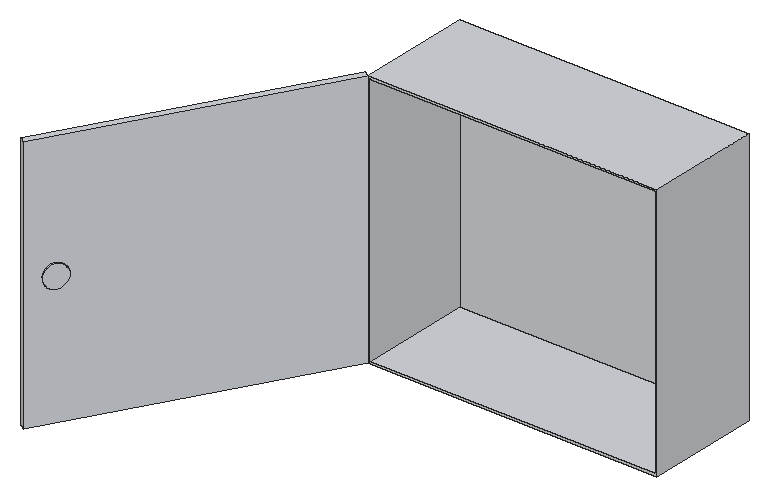
Revit family "LXMM", category Modelos genéricos, Revit 2020
Family settings
  Pode hospedar o vergalhão = Não
  Cota do conector redondo = Utilizar diâmetro
  Tipo de parte = Normal
  Número OmniClass = 23.60.00.00
  Título OmniClass = General Purpose: Services
  Com base no plano de trabalho = Não
  Sempre na vertical = Sim
  Corte com vazios quando carregada = Não
  Compartilhado = Sim
  Ponto de cálculo do ambiente = Não
Parameters
  x = 2 mm
  w = 798 mm
  l = 380 mm
  h = 342 mm
  b = 150 mm
  URL = "www.rainbird.com"
  SupportProjetos: Review Date = ""  # constant formula
  SupportProjetos: Review = "R00"  # constant formula
  SupportProjetos: Level of Detail = "LOD300"  # constant formula
  SupportProjetos: Developed = "MICHEL SOARES MOTA"  # constant formula
  SupportProjetos: Creation Date = "14/09/2020"  # constant formula
  RainBird: Product Link = "www.rainbird.com"
  RainBird: Description = "LXMM"
  RainBird: Comment = ""
  RainBird: Code = "F42400"  # constant formula
  Model = "LXMM"
  L = 384 mm
  Elevação padrão = 0 mm
  Type Comments = RainBird: Description  # "LXMM"
  B = 152 mm
Reference planes
  plane 1 "Centro (Frente/Trás)": y = 0
  plane 2: z = 0
  plane 3 "Centro (Esquerda/Direita)": x = 0
Forms (mm)
  Extrusion 1, void
    sketch origin (0, 0, 0) x (1, 0, 0) y (0, 1, 0)
      loop
        line (-190, 0) -> (-190, -150) -> (190, -150) -> (190, 0) -> (-190, 0)
    from 800 to 1138
  Extrusion 2, solid
    sketch origin (0, 0, 0) x (1, 0, 0) y (0, 1, 0)
      loop
        line (-192, 2) -> (-192, -150) -> (192, -150) -> (192, 2) -> (-192, 2)
    from 798 to 1140
  Extrusion 3, solid
    sketch origin (0, 0, 0) x (1, 0, 0) y (0, 1, 0)
      loop
        line (-192, -150) -> (-200.66, -145) -> (-392.66, -477.554) -> (-384, -482.554) -> (-192, -150)
    from 798 to 1140
  Extrusion 4, solid
    sketch origin (-158.096, -391.277, 0) x (-0.5, -0.866025, 0) y (0, 0, 1)
      loop
        circle (157.422, 975.133) r 15
    from 145.93 to 165
Cuts and joins
  Extrusion 1 cuts Extrusion 2
  joined: Extrusion 3, Extrusion 4
Dimensions and locks
  "l": Extrusion 1 sketch curve to Extrusion 1 sketch curve
  equal spacing: Extrusion 1 sketch curve, plane 3 "Centro (Esquerda/Direita)", Extrusion 1 sketch curve
  "b": Extrusion 1 sketch curve to Extrusion 1 sketch curve
  equal spacing: Extrusion 2 sketch curve, plane 3 "Centro (Esquerda/Direita)", Extrusion 2 sketch curve
  "L": Extrusion 2 sketch curve to Extrusion 2 sketch curve
  "x": Extrusion 2 sketch curve to Extrusion 1
  "h": Extrusion 2 to Extrusion 2
  "w": Extrusion 2 to level
  "x": Extrusion 2 to Extrusion 1
  "x": Extrusion 1 to Extrusion 2
  aligned and locked: level to plane 2
  aligned and locked: Extrusion 2 sketch curve to Extrusion 1
  aligned and locked: Extrusion 2 to Extrusion 3
  aligned and locked: Extrusion 3 to Extrusion 2
Automatic sketch dimensions
  Extrusion 3 sketch curve to plane 3 "Centro (Esquerda/Direita)" = 392.66 mm
  Extrusion 3 sketch curve to Extrusion 3 sketch curve = 8.66 mm
  Extrusion 3 sketch curve to plane 3 "Centro (Esquerda/Direita)" = 200.66 mm
  plane 1 "Centro (Frente/Trás)" to Extrusion 3 sketch curve = 482.554 mm
  Extrusion 3 sketch curve to Extrusion 3 sketch curve = 5 mm
  level to Extrusion 4 sketch curve = 975.133 mm
  plane 1 "Centro (Frente/Trás)" to Extrusion 1 sketch curve = 0 mm
  radius of Extrusion 4 sketch curve = 15 mm
